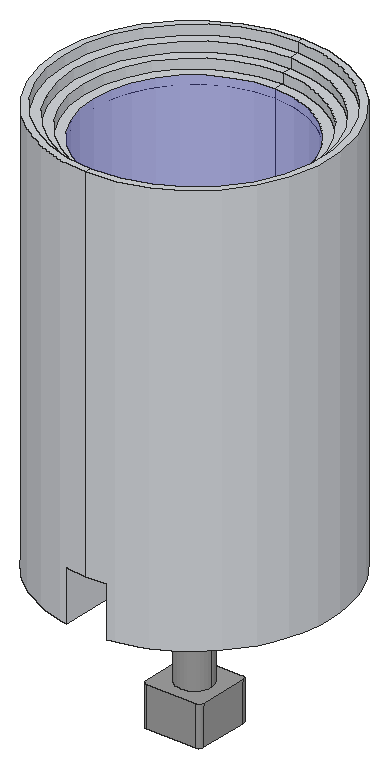
Revit family "Alcon - 13114-SN--Linear_Family", category Generic Models, host Face, Revit 2025
Family settings
  Host = Face
  Can host rebar = No
  Round Connector Dimension = Use Diameter
  Part Type = Normal
  Cut with Voids When Loaded = No
  Maintain Annotation Orientation = No
  Shared = No
  Room Calculation Point = No
Parameters
  URL = "https://www.alconlighting.com/?srsltid=AfmBOooDPhGQ0dEP-X2PMtxFfvvWpIAEL4jCll_O2F4_to5onvhnBomy"
  Product Page URL = "https://www.alconlighting.com/13114-bella.html"
  Model = "13114"
  Manufacturer = "ALCON Lighter"
  Fixture Rotation = 90.00°
  Default Elevation = 4' - 0"
  BODY = Default
Reference planes (in)
  plane 1 "Center (Front/Back)": y = 0
  plane 2: z = 0
  plane 3 "Center (Left/Right)": x = 0
  plane 4: z = 2.21166
Forms (in)
  Extrusion 1, solid, material "Default" <- "BODY"
    sketch origin (0, 0, 0.5) x (0, 1, 0) y (1, 0, 0)
      loop
        arc (-0.375, -0.3125) -> (-0.35669, -0.35669) -> (-0.3125, -0.375) r 0.0625
        line (-0.3125, -0.375) -> (0.3125, -0.375)
        arc (0.3125, -0.375) -> (0.35669, -0.35669) -> (0.375, -0.3125) r 0.0625
        line (0.375, -0.3125) -> (0.375, 0.3125)
        arc (0.375, 0.3125) -> (0.35669, 0.35669) -> (0.3125, 0.375) r 0.0625
        line (0.3125, 0.375) -> (-0.3125, 0.375)
        arc (-0.3125, 0.375) -> (-0.35669, 0.35669) -> (-0.375, 0.3125) r 0.0625
        line (-0.375, 0.3125) -> (-0.375, -0.3125)
    from 0 to 0.5
  Extrusion 2, solid, material "Default" <- "BODY"
    sketch origin (0, 0, 0.5) x (0, 1, 0) y (-1, 0, 0)
      loop
        circle (0, 0) r 0.21871
    from 0 to 1.81572
Dimensions and locks (in)
  "Fixture Rotation": angle nested 1 to plane 4
  aligned and locked: plane 2 to host face
  aligned and locked: level to host face
Automatic sketch dimensions
  host sketch curve to host sketch curve = 8' - 0"  (x2)
  plane 1 "Center (Front/Back)" to Extrusion 1 sketch curve = 0' - 0 3/8"
  Extrusion 1 sketch curve to Extrusion 1 sketch curve = 0' - 0 1/16"  (x3)
  Extrusion 1 sketch curve to plane 1 "Center (Front/Back)" = 0' - 0 5/16"  (x2)
  plane 3 "Center (Left/Right)" to Extrusion 1 sketch curve = 0' - 0 3/8"
  Extrusion 1 sketch curve to plane 3 "Center (Left/Right)" = 0' - 0 5/16"
  Extrusion 2 sketch curve to Extrusion 1 = 0' - 0 3/8"  (x2)
  radius of Extrusion 2 sketch curve = 0' - 0.21871"
Nested families (in)
  nested 1: "Alcon - 13114-SN--Linear_Cylider" at (0, 0, 2.21166) x (0, 0, -1) z (-1, 0, 0), type "Alcon - 13114-SN--Linear_Cylider"
    with built-in parameter 1001306 0.049286 (stored number, unit not read)
Definition of nested family "Alcon - 13114-SN--Linear_Cylider"
  Parameters (values of type "Alcon - 13114-SN--Linear_Cylider")
    Wattage = 9.2903 W
    built-in parameter 1150110 = 1 (stored number, unit not read)
    built-in parameter 1114217 = 1 (stored number, unit not read)
    Tilt Angle = 60.00°
    built-in parameter 1150109 = 1 (stored number, unit not read)
    built-in parameter 1150134 = 3
    built-in parameter 1150113 = 1 (stored number, unit not read)
    built-in parameter 1010507 = 1.5708 (stored number, unit not read)
    built-in parameter 1010506 = 0.5236 (stored number, unit not read)
    built-in parameter 1150105 = 4614.1 (stored number, unit not read)
    Lumens = 1380 lm
    built-in parameter 1150115 = 1 (stored number, unit not read)
    Light Source Symbol Length = 10' - 0"
    built-in parameter 1150137 = (empty or 0)
    built-in parameter 1150139 = (empty or 0)
    Lens = none
    built-in parameter 1001306 [instance] = 4' - 0"
    built-in parameter 1150112 = 1 (stored number, unit not read)
    built-in parameter 1150114 = 1 (stored number, unit not read)
    built-in parameter 1150132 = (empty or 0)
    built-in parameter 1150102 = (empty or 0)
    built-in parameter 1150107 = 3200 (stored number, unit not read)
    built-in parameter 1150138 = (empty or 0)
    built-in parameter 1150106 = 46.141 (stored number, unit not read)
    Housing = none
    built-in parameter 1150104 = 13.8 (stored number, unit not read)
    Dimming Lamp Color Temperature Shift = (empty or 0)
    Default Elevation = 0' - 0"
    Color Filter = 16777215
    built-in parameter 1114218 = 1 (stored number, unit not read)
    built-in parameter 1150133 = 10 (stored number, unit not read)
  Reference planes (in)
    plane 1 "Center (Front/Back)": y = 0
    plane 2: z = 0
    plane 3 "Left": x = 0
    plane 4 "Right": x = 48
  Forms (in)
    Revolve 1, solid, material <- "Housing"
      sketch origin (-3.14623, 0, 0) x (1, 0, 0) y (0, 1, 0)
        loop
          line (3.54, 0) -> (3.54, 1.75) -> (-1.76, 1.75) -> (-1.76, 1.66797) -> (-1.635, 1.66797) -> (-1.635, 1.54297) -> (-1.51, 1.54297) -> (-1.51, 1.41797) -> (-1.385, 1.41797) -> (-1.385, 1.29297) -> (0.06299, 1.29297) -> (0.06299, 0) -> (3.54, 0)
        axis (-1.76, 0) -> (3.54, 0)
      angle from 0 to 360
    Extrusion 2, void
      sketch origin (0, 0, -0.08917) x (1, 0, 0) y (0, 0, 1)
        loop
          line (-0.25, 0.34451) -> (-0.25, -0.16617) -> (0.39377, -0.16617) -> (0.39377, 0.34451) -> (-0.25, 0.34451)
      from 0.58832 to -1.78401
    Extrusion 3, solid, material <- "Lens"
      sketch origin (-4.53123, 0, 0) x (0, 1, 0) y (0, 0, -1)
        loop
          circle (0, 0) r 1.29297
      from 0 to -0.10459
  Cuts and joins
    Extrusion 2 cuts Revolve 1
  Lines and regions (in)
    reference lines
      curve 1: line (0, 0, 0) -> (48, 0, 0)
    model lines
      curve 2: line (0, 0, 0) -> (-14.65601, 0, 0)
  Dimensions and locks (in)
    "built-in parameter 1001306": plane 3 "Left" to plane 4 "Right"
    aligned and locked: plane 4 "Right" to curve 1
    aligned and locked: plane 1 "Center (Front/Back)" to curve 1
    aligned and locked: plane 3 "Left" to curve 1
    aligned and locked: level to plane 2
  Automatic sketch dimensions
    plane 1 "Center (Front/Back)" to curve 2 = 0' - 0"
    curve 2 to plane 3 "Left" = 0' - 0"
    curve 2 to curve 2 = 1' - 2.65601"
    Extrusion 2 sketch curve to plane 3 "Left" = 0' - 0 1/4"
    Extrusion 2 sketch curve to level = 0' - 0.25534"
    plane 3 "Left" to Extrusion 2 sketch curve = 0' - 0.39377"
    level to Extrusion 2 sketch curve = 0' - 0.25534"
    plane 1 "Center (Front/Back)" to Revolve 1 sketch curve = 0' - 0"  (x2)
    Revolve 1 sketch curve to plane 3 "Left" = 0' - 4 29/32"
    Revolve 1 sketch curve to Revolve 1 sketch curve = 0' - 1.82299"
    plane 3 "Left" to Revolve 1 sketch curve = 0' - 0.39377"
    Revolve 1 sketch curve to Revolve 1 sketch curve = 0' - 0 21/256"
    Revolve 1 sketch curve to Revolve 1 sketch curve = 0' - 0.08469"
    Revolve 1 sketch curve to plane 3 "Left" = 0' - 1.24855"
    Revolve 1 sketch curve to Revolve 1 sketch curve = 0' - 0 1/8"  (x6)
    Revolve 1 sketch curve to plane 1 "Center (Front/Back)" = 0' - 1 75/256"
    radius of Extrusion 3 sketch curve to Revolve 1 = 0' - 0"
